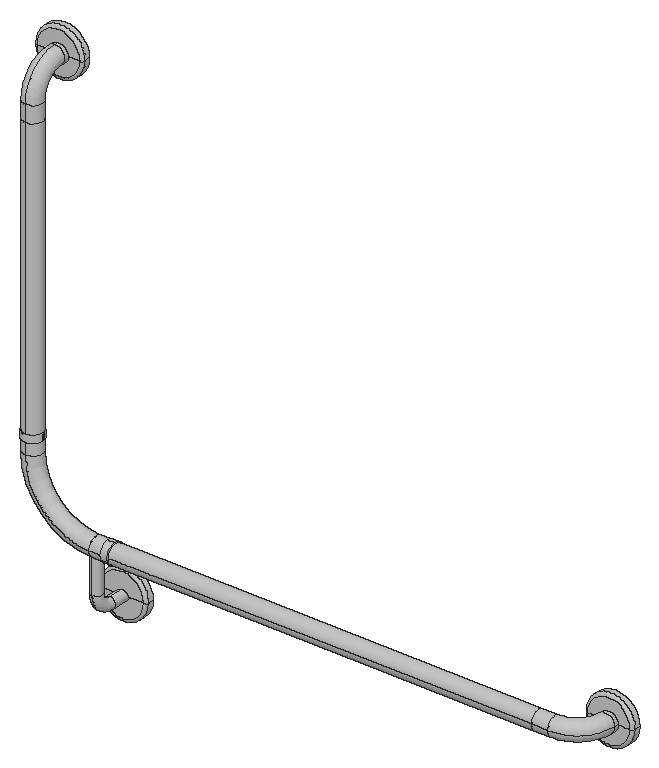
Revit family "RBA4801-911", category Plumbing Fixtures, Revit 2021
Family settings
  Round Connector Dimension = Use Diameter
  Part Type = Normal
  Work Plane-Based = No
  Always vertical = Yes
  Cut with Voids When Loaded = No
  Shared = No
  Room Calculation Point = No
Parameters
  Watermarked By = "www.rba.com.au"
  URL = "www.rba.com.au"
  R_Void [instance] = 15.00 mm
  R [instance] = 0.00 mm
  Phone Number = ""
  Modified Issue = "20180918.01"
  Model = "RBA4801-901"
  Materials and Finishes = Stainless Steel #304 Satin Finish
  Manufacturer Model = "B819436"
  Manufacturer = "RBA Group"
  Description = "RTA SSS Left Hand Single Wall 90° Rail"
  Default Elevation = 0.00 mm
  Copyrighted by = "RBA Group"  # constant formula
  Assembly Code = ""
Reference planes
  plane 1 "Center (Front/Back)": y = 0
  plane 2: z = 0
  plane 3: x = 40.5
  plane 4: x = 990.5
  plane 5: x = 515.5
  plane 6: z = 700
  plane 7: x = 835.5
  plane 8: z = -100
  plane 9: x = 974.5
  plane 10: z = 16
  plane 11: y = -70
  plane 12: y = -86
  plane 13: y = -54
  plane 14: y = -79.5
  plane 15: y = -60.5
  plane 16: z = -30
  plane 17: z = 30
  plane 18: x = 1606.5
  plane 19: x = 1666.5
  plane 20: z = 670
  plane 21: z = 730
  plane 22: x = 716.5
  plane 23: x = 656.5
  plane 24: z = -130
  plane 25: z = -70
  plane 26: x = 766.5
  plane 27: x = 826.5
Forms (mm)
  Extrusion 1, solid, material "Stainless Steel #304 Satin Finish"
    sketch origin (1636.5, -2.628, 315.907) x (0, 0, -1) y (-1, 0, 0)
      loop
        circle (315.907, 0) r 40
    from -0.219 to 2.628
  Revolve 2, solid, material "Stainless Steel #304 Satin Finish"
    sketch origin (1636.5, 18.663, 0) x (0, -1, 0) y (1, 0, 0)
      loop
        line (18.663, 0) -> (33.701, 0) -> (32.842, 36.617)
        arc (32.842, 36.617) -> (31.337, 40.077) -> (27.844, 41.5) r 5
        line (27.844, 41.5) -> (18.663, 41.5) -> (18.663, 0)
      axis (18.663, 0) -> (33.701, 0)
    angle from 0 to 360
  Extrusion 3, void
    sketch origin (1636.5, 34.941, 315.907) x (0, 0, -1) y (-1, 0, 0)
      loop
        circle (315.907, 30) r 5
      loop
        circle (315.907, -30) r 5
    from -37.788 to -30
  Sweep 4, solid, material "Stainless Steel #304 Satin Finish"
    path origin (1636.5, 12.454, 0) x (0, -1, 0) y (-1, 0, 0)
      loop
        line (12.454, 0) -> (34.454, 0)
        arc (34.454, 0) -> (68.395, 14.059) -> (82.454, 48) r 48
        line (82.454, 48) -> (82.454, 76)
    profile origin (1636.5, -11, 0) x (1, 0, 0) y (0, 0, 1)
      loop
        circle (0, 0) r 16
  Extrusion 5, solid, material "Stainless Steel #304 Satin Finish"
    sketch origin (686.5, -2.628, 1015.907) x (0, 0, -1) y (-1, 0, 0)
      loop
        circle (315.907, 0) r 40
    from -0.219 to 2.628
  Extrusion 6, void
    sketch origin (686.5, 34.941, 1015.907) x (0, 0, -1) y (-1, 0, 0)
      loop
        circle (315.907, -30) r 5
      loop
        circle (315.907, 30) r 5
    from -37.788 to -30
  Sweep 7, solid, material "Stainless Steel #304 Satin Finish"
    path origin (-13.5, 12.454, 700) x (0, -1, 0) y (0, 0, -1)
      loop
        line (12.454, 0) -> (34.454, 0)
        arc (34.454, 0) -> (68.395, 14.059) -> (82.454, 48) r 48
        line (82.454, 48) -> (82.454, 76)
    profile origin (-13.5, -11, 700) x (0, 0, -1) y (1, 0, 0)
      loop
        circle (0, 700) r 16
  Revolve 8, solid, material "Stainless Steel #304 Satin Finish"
    sketch origin (686.5, 18.663, 700) x (0, -1, 0) y (1, 0, 0)
      loop
        line (18.663, 0) -> (18.663, -41.5) -> (27.844, -41.5)
        arc (27.844, -41.5) -> (31.337, -40.077) -> (32.842, -36.617) r 5
        line (32.842, -36.617) -> (33.701, 0) -> (18.663, 0)
      axis (18.663, 0) -> (33.701, 0)
    angle from 0 to 360
  Sweep 9, solid, material "Stainless Steel #304 Satin Finish"
    path origin (1677, 0, 0) x (-1, 0, 0) y (0, 0, -1)
      loop
        line (116.5, 0) -> (880.5, 0)
        arc (880.5, 0) -> (958.282, -32.218) -> (990.5, -110) r 110
        line (990.5, -110) -> (990.5, -624)
    profile origin (1178.5, 0, 0) x (0, 0, -1) y (0, -1, 0)
      loop
        circle (0, 70) r 16
  Extrusion 10, solid, material "Stainless Steel #304 Satin Finish"
    sketch origin (796.5, -2.628, 215.907) x (0, 0, -1) y (-1, 0, 0)
      loop
        circle (315.907, 0) r 40
    from -0.219 to 2.628
  Revolve 11, solid, material "Stainless Steel #304 Satin Finish"
    sketch origin (796.5, 18.663, -100) x (0, -1, 0) y (1, 0, 0)
      loop
        line (18.663, 0) -> (33.701, 0) -> (32.842, 36.617)
        arc (32.842, 36.617) -> (31.337, 40.077) -> (27.844, 41.5) r 5
        line (27.844, 41.5) -> (18.663, 41.5) -> (18.663, 0)
      axis (18.663, 0) -> (33.701, 0)
    angle from 0 to 360
  Sweep 12, solid, material "Stainless Steel #304 Satin Finish"
    path origin (796.5, 12.454, -100) x (0, -1, 0) y (0, 0, 1)
      loop
        line (12.454, 0) -> (54.454, 0)
        arc (54.454, 0) -> (74.253, 8.201) -> (82.454, 28) r 28
        line (82.454, 28) -> (82.454, 100)
    profile origin (796.5, -21, -100) x (0, 0, 1) y (-1, 0, 0)
      loop
        circle (0, 0) r 9.5
  Extrusion 13, void
    sketch origin (796.5, 34.941, 215.907) x (0, 0, -1) y (-1, 0, 0)
      loop
        circle (315.907, 30) r 5
      loop
        circle (315.907, -30) r 5
    from -37.788 to -30
  Extrusion 14, solid, material "Stainless Steel #304 Satin Finish"
    sketch origin (1677, 0, 0) x (-1, 0, 0) y (0, -1, 0)
      loop
        circle (990.5, 70) r 17
    from 142 to 130
  Extrusion 15, solid, material "Stainless Steel #304 Satin Finish"
    sketch origin (1026.5, 0, 990.5) x (0, 0, -1) y (0, -1, 0)
      loop
        circle (990.5, 70) r 17
    from 210 to 198
Cuts and joins
  Extrusion 3 cuts Extrusion 1
  Extrusion 3 cuts Revolve 2
  Extrusion 6 cuts Extrusion 5
  Extrusion 6 cuts Revolve 8
  Extrusion 13 cuts Extrusion 10
  Extrusion 13 cuts Revolve 11
  joined: Sweep 4, Sweep 7, Sweep 9
Dimensions and locks
  level to plane 8 = 100.00 mm
  plane 6 to level = 700.00 mm
  plane 4 to plane 7 = 155.00 mm
  plane 4 to plane 3 = 950.00 mm
  Revolve 2 sketch curve to Revolve 2 sketch curve = 41.50 mm
  plane 17 to plane 16 = 60.00 mm
  plane 18 to plane 19 = 60.00 mm
  plane 21 to plane 20 = 60.00 mm
  plane 23 to plane 22 = 60.00 mm
  Revolve 8 sketch curve to Revolve 8 sketch curve = 41.50 mm
  Revolve 11 sketch curve to Revolve 11 sketch curve = 41.50 mm
  plane 25 to plane 24 = 60.00 mm
  plane 26 to plane 27 = 60.00 mm
  radius of Extrusion 1 sketch curve = 40.00 mm
  radius of Sweep 4 sketch curve = 16.00 mm
  radius of Extrusion 5 sketch curve = 40.00 mm
  radius of Sweep 7 sketch curve = 16.00 mm
  radius of Extrusion 10 sketch curve = 40.00 mm
  radius of Sweep 12 sketch curve = 9.50 mm
  aligned and locked: Revolve 2 to Extrusion 1
  aligned and locked: Revolve 11 to Extrusion 10
